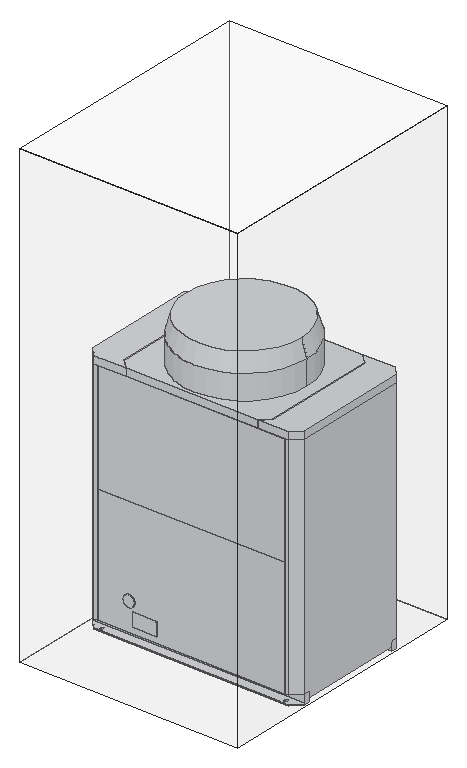
Revit family "pury-rp224_850(s)cmg4_60Hz", category 機械設備, Revit 2019
Family settings
  丸型コネクタ寸法 = 直径を使用
  パーツ タイプ = 標準
  OmniClass 番号 = 23.75.10.24.21.27.27
  OmniClass タイトル = Split System Air Conditioning Units
  作業面ベース = いいえ
  常に垂直 = はい
  ロード時にボイドで切り取り = いいえ
  共有 = いいえ
  部屋計算ポイント = いいえ
Parameters (values of type "PURY-RP224CMG4")
  音響パワーレベル(dB) = 79.5
  電源種別 = ""
  電源径 = 65 mm  # constant formula
  電圧 = 200 V
  電動機出力_送風機 = 0.92 kW
  電動機出力_圧縮機 = 5.4 kW
  集中コントローラ [instance] = ""
  運転質量 = 0.00 kg
  運転方法 = "冷暖切替"
  質量 = 0.00 kg
  負荷分類 = 1_熱源類
  説明 = "ビル用マルチエアコン 室外ユニット リプレースマルチR2 Eeco"
  設計暖房能力 [instance] = 0 kW
  設計冷房能力_顕熱 [instance] = 0 kW
  設計冷房能力 [instance] = 0 kW
  設置方法 = "床置形"
  記号 [instance] = ""
  製造元 = "三菱電機株式会社"
  製品質量 = 270.00 kg
  製品出荷対象 = "国内"
  製品リリース年月 = "2016年6月1日"
  製品グループ = ""
  系統 [instance] = ""
  符号 = "EHP"
  積算_科目 = "1 空気調和設備"
  積算_拾い区分 [instance] = ""
  相 = 3
  盤記号 [instance] = ""
  発停方法 = "付属スイッチ"
  特殊仕様 [instance] = ""
  消費電力_暖房 = 6.44 kW
  消費電力_冷房 = 5.74 kW
  消費電力 = if(消費電力_冷房 > 消費電力_暖房, 消費電力_冷房, 消費電力_暖房)  # 6.44 kW
  法定耐用年数 = "15"
  機械基礎質量 [instance] = 0.00 kg
  機械基礎_W = 0 mm
  機械基礎_H = 0 mm
  機械基礎_D = 0 mm
  機械基礎 [instance] = no
  極数 = 3
  材質 [instance] = ""
  本体マテリアル = none
  最小電線太さ_mm2 = 8
  最大電流値 = 0 A
  暖房能力 = 25 kW
  推奨ブレーカー容量 = 40 A
  形式 = "マルチパッケージ形 室外機"
  幹線記号 [instance] = ""
  始動方式 = "直入"
  呼称 = "マルチパッケージ形空気調和機"
  周波数 = 60 Hz
  参照している仕様書等のバージョン = "公共建築工事標準仕様書（機械設備工事編）平成31年度版"
  分類コード = "50053003300020"
  分類グループ = ""
  冷房能力 = 22.4 kW
  冷媒管長 [instance] = 0 mm
  冷媒管径符号 = "Eg"
  冷媒管径 = 100 mm  # constant formula
  冷媒液管径 = 19.05 mm
  冷媒ガス管径 = 25.4 mm
  価格 = 0
  企業コード = "108420"
  付属品 [instance] = ""
  仕様書バージョン = "Version1.0"
  ユニット数 = 1
  ユニット2電源高さ = ユニット1電源高さ  # 217 mm
  ユニット2電源幅 = ユニット1電源幅  # 251 mm
  ユニット2ダクト左位置 = ユニット1ダクト左位置  # 271 mm
  ユニット2ダクト下位置 = ユニット1ダクト下位置  # 90 mm
  ユニット2冷媒高圧径 = 19.05 mm
  ユニット2冷媒管高さ = ユニット1冷媒管高さ  # 261 mm
  ユニット2冷媒管幅 = ユニット1冷媒管幅  # 342.5 mm
  ユニット2冷媒管奥行き = ユニット1冷媒管奥行き  # 145 mm
  ユニット2冷媒低圧径 = 25.4 mm
  ユニット2表示 = no
  ユニット1電源高さ = 217 mm  # constant formula
  ユニット1電源幅 = 251 mm  # constant formula
  ユニット1ダクト左位置 = 271 mm  # constant formula
  ユニット1ダクト下位置 = 90 mm  # constant formula
  ユニット1冷媒高圧径 = 19.05 mm
  ユニット1冷媒管高さ = 261 mm  # constant formula
  ユニット1冷媒管幅 = 342.5 mm  # constant formula
  ユニット1冷媒管奥行き = 145 mm  # constant formula
  ユニット1冷媒低圧径 = 25.4 mm
  モデル = "PURY-RP224CMG4"
  ダクト高 = 77 mm  # constant formula
  ダクト幅 = 140 mm  # constant formula
  サービススペース_タイプA = yes
  サービススペース = yes
  ユニット間隔 = if(サービススペース_タイプA, 30 mm, 100 mm)  # 30 mm
  コメント [instance] = ""
  Keynote = ""
  Width = 1220 mm
  Version = ""
  Uniclass2015Version = "Systems v1.9"
  Uniclass2015Title = "Split coil remote air cooled condensing units"
  Uniclass2015Code = "Pr_70_65_03_84"
  URL = "https://www.mitsubishielectric.co.jp/ldg/wink/ssl/displayProduct.do?pid=266864"
  SpecificationReference = ""
  SpecificationDescription = ""
  S_W = if(ユニット2表示, Width * 2 + Clearance Left + Clearance Right + ユニット間隔, Width + Clearance Left + Clearance Right)  # 1250 mm
  Revision = ""
  ProductInformation = ""
  OmniClassCode = "23-33 17 13 11"
  IfcTypeProduct = ""
  IfcProduct = ""
  IfcExportType = "AIRCONDITIONINGUNIT"
  IfcExportAs = "IfcUnitaryEquipmentType"
  Height = 1650 mm
  Depth = 760 mm
  Clearance Top = if(サービススペース_タイプA, 1000 mm, 1000 mm)  # 1000 mm
  Clearance Right = if(サービススペース_タイプA, 15 mm, 50 mm)  # 15 mm
  Clearance Left = if(サービススペース_タイプA, 15 mm, 50 mm)  # 15 mm
  Clearance Front = if(サービススペース_タイプA, 450 mm, 450 mm)  # 450 mm
  Clearance Back = if(サービススペース_タイプA, 300 mm, 100 mm)  # 300 mm
  COP = 0
  Author = "三菱電機株式会社"
  APF = 0
Types (17, lengths in mm): name | 音響パワーレベル(dB) | 電動機出力_送風機 | 電動機出力_圧縮機 | 製品質量 | 消費電力_暖房 | 消費電力_冷房 | 消費電力 | 最小電線太さ_mm2 | 暖房能力 | 推奨ブレーカー容量 | 呼称 | 冷房能力 | 冷媒管径符号 | 冷媒液管径 | 冷媒ガス管径 | ユニット数 | ユニット2冷媒低圧径 | ユニット2表示 | ユニット1冷媒高圧径 | ユニット1冷媒低圧径 | モデル | URL | S_W
  PURY-RP224CMG4 | 79.5 | 0.92 kW | 5.4 kW | 270.00 kg | 6.44 kW | 5.74 kW | 6.44 kW | 8 | 25 kW | 40 A | "マルチパッケージ形空気調和機" | 22.4 kW | "Eg" | 19.05 | 25.4 | 1 | 25.4 | no | 19.05 | 25.4 | "PURY-RP224CMG4" | "https://www.mitsubishielectric.co.jp/ldg/wink/ssl/displayProduct.do?pid=266864" | 1250
  PURY-RP280CMG4 | 80.5 | 0.92 kW | 6.8 kW | 285.00 kg | 8.04 kW | 7.85 kW | 8.04 kW | 14 | 31.5 kW | 50 A | "マルチパッケージ形空気調和機_室外機" | 28 kW | "Eh" | 19.05 | 28.58 | 1 | 28.58 | no | 19.05 | 28.58 | "PURY-RP280CMG4" | "https://www.mitsubishielectric.co.jp/ldg/wink/ssl/displayProduct.do?pid=266644" | 1250
  PURY-RP335CMG4 | 82.5 | 0.92 kW | 7.8 kW | 285.00 kg | 9.68 kW | 8.88 kW | 9.68 kW | 22 | 37.5 kW | 60 A | "マルチパッケージ形空気調和機_室外機" | 33.5 kW | "Eh" | 19.05 | 28.58 | 1 | 28.58 | no | 19.05 | 28.58 | "PURY-RP335CMG4" | "https://www.mitsubishielectric.co.jp/ldg/wink/ssl/displayProduct.do?pid=266647" | 1250
  PURY-RP400CMG4 | 83.5 | 0.92 kW | 9.9 kW | 290.00 kg | 12.74 kW | 13.2 kW | 13.2 kW | 22 | 45 kW | 60 A | "マルチパッケージ形空気調和機_室外機" | 40 kW | "Eh" | 19.05 | 28.58 | 1 | 28.58 | no | 19.05 | 28.58 | "PURY-RP400CMG4" | "https://www.mitsubishielectric.co.jp/ldg/wink/ssl/displayProduct.do?pid=266689" | 1250
  PURY-RP450SCMG4 | 82.5 | 1.84 kW | 10.8 kW | 550.00 kg | 12.88 kW | 11.87 kW | 12.88 kW | 22 | 50 kW | 0 A | "マルチパッケージ形空気調和機_室外機" | 45 kW | "Gi" | 25.4 | 31.75 | 2 | 25.4 | yes | 19.05 | 25.4 | "PURY-RP450SCMG4" | "https://www.mitsubishielectric.co.jp/ldg/wink/ssl/displayProduct.do?pid=266648" | 2500
  PURY-RP500SCMG4 | 83 | 1.84 kW | 12.2 kW | 565.00 kg | 14.35 kW | 13.66 kW | 14.35 kW | 38 | 56 kW | 0 A | "マルチパッケージ形空気調和機_室外機" | 50 kW | "Gk" | 25.4 | 38.1 | 2 | 25.4 | yes | 19.05 | 25.4 | "PURY-RP500SCMG4" | "https://www.mitsubishielectric.co.jp/ldg/wink/ssl/displayProduct.do?pid=266695" | 2500
  PURY-RP560SCMG4 | 83.5 | 1.84 kW | 13.6 kW | 580.00 kg | 16.11 kW | 16.09 kW | 16.11 kW | 38 | 63 kW | 0 A | "マルチパッケージ形空気調和機_室外機" | 56 kW | "Gk" | 25.4 | 38.1 | 2 | 28.58 | yes | 19.05 | 28.58 | "PURY-RP560SCMG4" | "https://www.mitsubishielectric.co.jp/ldg/wink/ssl/displayProduct.do?pid=266698" | 2500
  PURY-RP630SCMG4 | 84.5 | 1.84 kW | 14.6 kW | 580.00 kg | 17.73 kW | 17.5 kW | 17.73 kW | 38 | 69 kW | 0 A | "マルチパッケージ形空気調和機_室外機" | 63 kW | "Gk" | 25.4 | 38.1 | 2 | 28.58 | yes | 19.05 | 28.58 | "PURY-RP630SCMG4" | "https://www.mitsubishielectric.co.jp/ldg/wink/ssl/displayProduct.do?pid=266701" | 2500
  PURY-RP690SCMG4 | 85.5 | 1.84 kW | 15.6 kW | 580.00 kg | 19.76 kW | 18.69 kW | 19.76 kW | 60 | 76.5 kW | 0 A | "マルチパッケージ形空気調和機_室外機" | 69 kW | "Gk" | 25.4 | 38.1 | 2 | 28.58 | yes | 19.05 | 28.58 | "PURY-RP690SCMG4" | "https://www.mitsubishielectric.co.jp/ldg/wink/ssl/displayProduct.do?pid=266704" | 2500
  PURY-RP730SCMG4 | 86 | 1.84 kW | 17.7 kW | 580.00 kg | 22.39 kW | 22.32 kW | 22.39 kW | 60 | 81.5 kW | 0 A | "マルチパッケージ形空気調和機_室外機" | 73 kW | "Gm" | 25.4 | 44.45 | 2 | 28.58 | yes | 19.05 | 28.58 | "PURY-RP730SCMG4" | "https://www.mitsubishielectric.co.jp/ldg/wink/ssl/displayProduct.do?pid=266707" | 2500
  PURY-RP800SCMG4 | 86.5 | 1.84 kW | 19.8 kW | 580.00 kg | 24.92 kW | 26.75 kW | 26.75 kW | 60 | 88 kW | 0 A | "マルチパッケージ形空気調和機_室外機" | 80 kW | "Hm" | 28.58 | 44.45 | 2 | 28.58 | yes | 19.05 | 28.58 | "PURY-RP800SCMG4" | "https://www.mitsubishielectric.co.jp/ldg/wink/ssl/displayProduct.do?pid=266710" | 2500
  PURY-RP850SCMG4 | 87 | 1.84 kW | 20.1 kW | 580.00 kg | 26.98 kW | 28.91 kW | 28.91 kW | 100 | 95 kW | 0 A | "マルチパッケージ形空気調和機_室外機" | 85 kW | "Hm" | 28.58 | 44.45 | 2 | 28.58 | yes | 22.2 | 28.58 | "PURY-RP850SCMG4" | "https://www.mitsubishielectric.co.jp/ldg/wink/ssl/displayProduct.do?pid=266713" | 2500
  PURY-RP224SCMG4 | 79.5 | 0.92 kW | 5.4 kW | 270.00 kg | 6.44 kW | 5.74 kW | 6.44 kW | 8 | 25 kW | 40 A | "マルチパッケージ形空気調和機_室外機" | 22.4 kW | "Eg" | 19.05 | 25.4 | 1 | 25.4 | no | 19.05 | 28.58 | "PURY-RP224SCMG4" | "https://www.mitsubishielectric.co.jp/ldg/wink/ssl/displayProduct.do?pid=266716" | 1250
  PURY-RP280SCMG4 | 80.5 | 0.92 kW | 6.8 kW | 285.00 kg | 8.04 kW | 7.85 kW | 8.04 kW | 14 | 31.5 kW | 50 A | "マルチパッケージ形空気調和機_室外機" | 28 kW | "Eh" | 19.05 | 28.58 | 1 | 28.58 | no | 19.05 | 28.58 | "PURY-RP280SCMG4" | "https://www.mitsubishielectric.co.jp/ldg/wink/ssl/displayProduct.do?pid=266719" | 1250
  PURY-RP335SCMG4 | 82.5 | 0.92 kW | 7.8 kW | 285.00 kg | 9.68 kW | 8.88 kW | 9.68 kW | 22 | 37.5 kW | 60 A | "マルチパッケージ形空気調和機_室外機" | 33.5 kW | "Eh" | 19.05 | 28.58 | 1 | 28.58 | no | 19.05 | 28.58 | "PURY-RP335SCMG4" | "https://www.mitsubishielectric.co.jp/ldg/wink/ssl/displayProduct.do?pid=266638" | 1250
  PURY-RP400SCMG4 | 83.5 | 0.92 kW | 9.9 kW | 290.00 kg | 12.74 kW | 13.2 kW | 13.2 kW | 22 | 45 kW | 60 A | "マルチパッケージ形空気調和機_室外機" | 40 kW | "Eh" | 19.05 | 28.58 | 1 | 28.58 | no | 19.05 | 28.58 | "PURY-RP400SCMG4" | "https://www.mitsubishielectric.co.jp/ldg/wink/ssl/displayProduct.do?pid=266641" | 1250
  PURY-RP450KCMG4 | 82.5 | 0.92 kW | 5.4 kW | 550.00 kg | 12.88 kW | 11.87 kW | 12.88 kW | 22 | 50 kW | 0 A | "マルチパッケージ形空気調和機_室外機" | 45 kW | "Gi" | 25.4 | 31.75 | 2 | 28.58 | no | 22.2 | 28.58 | "PURY-RP450KCMG4" | "https://www.mitsubishielectric.co.jp/ldg/wink/ssl/displayProduct.do?pid=266648" | 1250
Reference planes
  plane 1: z = 0
  plane 2: z = 1650
  plane 3: z = 2650
  plane 4 "中心(正面/背面)": y = 380
  plane 5 "中心(左/右)": x = 1860
  plane 6 "左": x = 0
  plane 7 "正面": y = 0
  plane 8 "背面": y = 760
  plane 9: x = 1220
  plane 10: x = 1250
  plane 11: x = 2470
  plane 12: y = 1060
  plane 13: y = -450
  plane 14: x = -15
  plane 15: x = 1235
  plane 16: x = 610
  plane 17: x = 1220
Dimensions and locks
  "Clearance Top": plane 3 to plane 2
  equal spacing: plane 7 "正面", plane 4 "中心(正面/背面)", plane 8 "背面"
  "Width": plane 6 "左" to plane 9
  "Width": plane 10 to plane 11
  "ユニット間隔": plane 9 to plane 10
  "Clearance Back": plane 12 to plane 8 "背面"
  "Clearance Front": plane 13 to plane 7 "正面"
  "Clearance Left": plane 14 to plane 6 "左"
  "Depth": plane 7 "正面" to plane 8 "背面"
  equal spacing: plane 6 "左", plane 16, plane 9
  equal spacing: plane 10, plane 5 "中心(左/右)", plane 11
  "Height": plane 2 to level
  "Clearance Right": plane 17 to plane 15
  "S_W": plane 14 to plane 15
  aligned and locked: level to plane 1
  aligned and locked: plane 16 to nested 1
  aligned and locked: plane 4 "中心(正面/背面)" to nested 1
  aligned and locked: plane 5 "中心(左/右)" to nested 2
  aligned and locked: plane 4 "中心(正面/背面)" to nested 2
  aligned and locked: plane 15 to nested 3
  aligned and locked: nested 3 to plane 13
  aligned and locked: plane 14 to nested 3
  aligned and locked: nested 3 to plane 12
  aligned and locked: plane 3 to nested 3
Nested families
  nested 1: "PURY-RP-CMG" at (610, 380, 0), マテリアル1 <- "本体マテリアル", ①-H <- "ユニット1ダクト下位置", ①-W <- "ユニット1ダクト左位置", ①配管用-H <- "ダクト高", ①配管用-W <- "ダクト幅", 冷媒径 <- "冷媒管径", 高圧径 <- "ユニット1冷媒高圧径", 低圧径 <- "ユニット1冷媒低圧径", 電源径 <- "電源径", 電源-W <- "ユニット1電源幅", 電源-H <- "ユニット1電源高さ", type "PURY-RP-CMG"
    with 高圧径 19.05 mm, 高圧-W 301 mm, 高圧-H 261 mm, 高圧-D 145 mm, 高 1650 mm, 電源径 65 mm, 電源-W 251 mm, 電源-H 217 mm, 表示 yes, 幅 1220 mm, 奥行 760 mm, 吊りボルト径 14 mm, 吊りボルト-W 1060 mm, 吊りボルト-D 724 mm, 冷媒径 100 mm, 低圧径 25.4 mm, 低圧-W 83 mm, 低圧-H 263 mm, 低圧-D 145 mm, マテリアル2 none, マテリアル1 none, ドレン径 200 mm, ドレン-W 200 mm, ドレン-H 200 mm, ドレン-D 200 mm, ①配管用-W 140 mm, ①配管用-H 77 mm, ①-W 271 mm, ①-H 90 mm
  nested 2: "PURY-RP-CMG" at (1860, 380, 0), 表示 <- "ユニット2表示", マテリアル1 <- "本体マテリアル", ①-H <- "ユニット2ダクト下位置", ①-W <- "ユニット2ダクト左位置", ①配管用-H <- "ダクト高", ①配管用-W <- "ダクト幅", 冷媒径 <- "冷媒管径", 高圧径 <- "ユニット2冷媒高圧径", 低圧径 <- "ユニット1冷媒低圧径", 電源径 <- "電源径", 電源-W <- "ユニット2電源幅", 電源-H <- "ユニット2電源高さ", type "PURY-RP-CMG"
    with 高圧径 19.05 mm, 高圧-W 301 mm, 高圧-H 261 mm, 高圧-D 145 mm, 高 1650 mm, 電源径 65 mm, 電源-W 251 mm, 電源-H 217 mm, 表示 no, 幅 1220 mm, 奥行 760 mm, 吊りボルト径 14 mm, 吊りボルト-W 1060 mm, 吊りボルト-D 724 mm, 冷媒径 100 mm, 低圧径 25.4 mm, 低圧-W 83 mm, 低圧-H 263 mm, 低圧-D 145 mm, マテリアル2 none, マテリアル1 none, ドレン径 200 mm, ドレン-W 200 mm, ドレン-H 200 mm, ドレン-D 200 mm, ①配管用-W 140 mm, ①配管用-H 77 mm, ①-W 271 mm, ①-H 90 mm
  nested 3: "サービススペース" at (610, 305, 1325), visible <- "サービススペース", type "サービススペース"
    with Width 1250 mm, Height 2650 mm, Depth 1510 mm
Connectors
  hvac at (1591, -1, 128.5), driven by "ダクト高", driven by "ダクト幅"
    settings: on nested 2, index 1, duct flow 0.0 L/s, flow factor 0, pres drop 0.0 Pa, loss coef 0, conn angle 0.00°, conn width 140 mm, conn height 77 mm, conn diameter 609.6 mm, duct sys type 3, conn prof type 1, flow config 1, flow direction 2, loss method 4, conn ref index -1, conn util no, is conn primary yes, conn desc ""
  hvac at (341, -1, 128.5), driven by "ダクト高", driven by "ダクト幅"
    settings: on nested 1, index 2, duct flow 0.0 L/s, flow factor 0, pres drop 0.0 Pa, loss coef 0, conn angle 0.00°, conn width 140 mm, conn height 77 mm, conn diameter 609.6 mm, duct sys type 3, conn prof type 1, flow config 1, flow direction 2, loss method 4, conn ref index -1, conn util no, is conn primary no, conn desc ""
  electrical at (251, -1, 217), driven by "極数", driven by "負荷分類", driven by "電圧", driven by "消費電力"
    settings: on nested 1, index 3, voltage 200 V, apparent load 6440 VA, apparent load phase1 0 VA, apparent load phase2 0 VA, apparent load phase3 0 VA, power factor 1, load classification "1_熱源類", number of poles 3, system type 30, power factor state 1, is connector primary yes, connector utility no, sub classification motor no, connector description ""
  electrical at (1501, -1, 217), driven by "極数", driven by "負荷分類", driven by "電圧", driven by "消費電力"
    settings: on nested 2, index 4, voltage 200 V, apparent load 6440 VA, apparent load phase1 0 VA, apparent load phase2 0 VA, apparent load phase3 0 VA, power factor 1, load classification "1_熱源類", number of poles 3, system type 30, power factor state 1, is connector primary no, connector utility no, sub classification motor no, connector description ""
  piping at (1592.5, 145, 261), diameter 100, driven by "冷媒管径", driven by "冷媒管径符号"
    settings: on nested 2, index 5, connector inside diameter 609.6 mm, connector length 0 mm, flow factor 0, pipe flow 0.0 L/s, pressure drop 0.0 Pa, fitting loss kfactor 0, connector angle 0.00°, fixture units 0, engagement length 0 mm, angle of deflection 0.00°, flow configuration 1, flow direction 2, fitting loss method 4, system type 7, joint type 0, gender type 0, connector reference index -1, connector utility 0, adjustable connector no, is connector primary yes, connector description "Eg"
  piping at (342.5, 145, 261), diameter 100, driven by "冷媒管径", driven by "冷媒管径符号"
    settings: on nested 1, index 6, connector inside diameter 609.6 mm, connector length 0 mm, flow factor 0, pipe flow 0.0 L/s, pressure drop 0.0 Pa, fitting loss kfactor 0, connector angle 0.00°, fixture units 0, engagement length 0 mm, angle of deflection 0.00°, flow configuration 1, flow direction 2, fitting loss method 4, system type 7, joint type 0, gender type 0, connector reference index -1, connector utility 0, adjustable connector no, is connector primary no, connector description "Eg"
Definition of nested family "PURY-RP-CMG"
  Parameters (values of type "PURY-RP-CMG")
    高圧径 [instance] = 19.05 mm
    高圧-W [instance] = 301 mm
    高圧-H [instance] = 261 mm
    高圧-D [instance] = 145 mm
    高 [instance] = 1650 mm
    電源径 [instance] = 65 mm
    電源-W [instance] = 251 mm
    電源-H [instance] = 217 mm
    表示 [instance] = yes
    幅 [instance] = 1220 mm
    奥行 [instance] = 760 mm
    吊りボルト径 [instance] = 14 mm
    吊りボルト-W [instance] = 1060 mm
    吊りボルト-D [instance] = 724 mm
    冷媒径 [instance] = 100 mm
    低圧径 [instance] = 25.4 mm
    低圧-W [instance] = 83 mm
    低圧-H [instance] = 263 mm
    低圧-D [instance] = 145 mm
    マテリアル2 [instance] = none
    マテリアル1 [instance] = none
    ドレン径 [instance] = 200 mm
    ドレン-W [instance] = 200 mm
    ドレン-H [instance] = 200 mm
    ドレン-D [instance] = 200 mm
    ①配管用-W [instance] = 140 mm
    ①配管用-H [instance] = 77 mm
    ①-W [instance] = 271 mm
    ①-H [instance] = 90 mm
  Reference planes
    plane 1 "中心(正面/背面)": y = 0
    plane 2: z = 0
    plane 3 "中心(左/右)": x = 0
    plane 4: x = 610
    plane 5: x = -610
    plane 6: y = 380
    plane 7: y = -380
    plane 8: z = 1650
    plane 9: z = 732
    plane 10: z = 1410
    plane 11: z = 54
    plane 12: y = 362
    plane 13: y = -362
    plane 14: x = 530
    plane 15: x = -530
    plane 16: y = 300
    plane 17: y = -300
    plane 18: z = 90
    plane 19: x = -339
    plane 20: x = -359
    plane 21: z = 217
    plane 22: y = -235
    plane 23: x = -226
    plane 24: x = -309
    plane 25: z = 261
    plane 26: z = 361
    plane 27: z = 1370
    plane 28: z = 1550
    plane 29: z = 363
    plane 30: z = 263
    plane 31: x = -267.5
    plane 32: z = 20
    plane 33: y = -381
    plane 34: x = -199
    plane 35: z = 167
  Forms (mm)
    Extrusion 1, solid, material <- "マテリアル1", visible <- "表示", detail levels fine
      sketch origin (0, 0, 0) x (1, 0, 0) y (0, 1, 0)
        loop
          circle (-309, -235) r 9.525
      from 261 to 361
    Extrusion 2, solid, material <- "マテリアル1", visible <- "表示", detail levels fine
      sketch origin (0, 0, 0) x (1, 0, 0) y (0, 1, 0)
        loop
          line (-560, 380) -> (-610, 330) -> (-610, -330) -> (-560, -380) -> (-540, -380) -> (-540, 380) -> (-560, 380)
        loop
          line (560, -380) -> (610, -330) -> (610, 330) -> (560, 380) -> (540, 380) -> (540, -380) -> (560, -380)
      from 54 to 1370
    Extrusion 3, solid, material <- "マテリアル1", visible <- "表示", detail levels fine
      sketch origin (0, 0, 0) x (1, 0, 0) y (0, 1, 0)
        loop
          line (-610, 330) -> (-610, -330) -> (-560, -380) -> (-380, -380) -> (-430, -330) -> (-430, 330) -> (-380, 380) -> (-560, 380) -> (-610, 330)
        loop
          line (560, -380) -> (610, -330) -> (610, 330) -> (560, 380) -> (380, 380) -> (430, 330) -> (430, -330) -> (380, -380) -> (560, -380)
      from 1370 to 1410
    Extrusion 4, solid, material <- "マテリアル1", visible <- "表示", detail levels fine
      sketch origin (0, 0, 0) x (1, 0, 0) y (0, 1, 0)
        loop
          line (-430, -330) -> (-380, -380) -> (380, -380) -> (430, -330) -> (430, 330) -> (380, 380) -> (-380, 380) -> (-430, 330) -> (-430, -330)
      from 1370 to 1410
    Extrusion 5, solid, material <- "マテリアル1", visible <- "表示", detail levels fine
      sketch origin (-1437.329, -1524, 1410) x (-1, 0, 0) y (0, -1, 0)
        loop
          circle (-1437.329, -1524) r 360
      from 0 to 140
    Blend 6, solid, material <- "マテリアル1", visible <- "表示", detail levels fine
      base sketch origin (-1437.329, -1524, 1550) x (-1, 0, 0) y (0, -1, 0)
        loop
          circle (-1437.329, -1524) r 360
      top sketch origin (-1437.329, -1524, 1550) x (-1, 0, 0) y (0, -1, 0)
        loop
          circle (-1437.329, -1524) r 330
      from 0 to 100
    Extrusion 7, solid, material <- "マテリアル1", visible <- "表示", detail levels fine
      sketch origin (0, 0, -400) x (1, 0, 0) y (0, 1, 0)
        loop
          line (-540, -380) -> (540, -380) -> (540, 380) -> (-540, 380) -> (-540, -380)
      from 1132 to 1770
    Extrusion 8, solid, material <- "マテリアル1", visible <- "表示", detail levels fine
      sketch origin (0, 0, -800) x (1, 0, 0) y (0, 1, 0)
        loop
          line (-540, -380) -> (540, -380) -> (540, 380) -> (-540, 380) -> (-540, -380)
      from 854 to 1532
    Extrusion 9, solid, material <- "マテリアル1", visible <- "表示", detail levels fine
      sketch origin (0, 0, 0) x (1, 0, 0) y (0, 1, 0)
        loop
          line (-560, 380) -> (-610, 330) -> (-610, 300) -> (610, 300) -> (610, 330) -> (560, 380) -> (-560, 380)
        loop
          arc (537, 365) -> (530, 372) -> (523, 365) r 7
          line (523, 365) -> (523, 359)
          arc (523, 359) -> (530, 352) -> (537, 359) r 7
          line (537, 359) -> (537, 365)
        loop
          line (-560, -380) -> (560, -380) -> (610, -330) -> (610, -300) -> (-610, -300) -> (-610, -330) -> (-560, -380)
        loop
          line (537, -365) -> (537, -359)
          arc (537, -359) -> (530, -352) -> (523, -359) r 7
          line (523, -359) -> (523, -365)
          arc (523, -365) -> (530, -372) -> (537, -365) r 7
        loop
          line (-537, 365) -> (-537, 359)
          arc (-537, 359) -> (-530, 352) -> (-523, 359) r 7
          line (-523, 359) -> (-523, 365)
          arc (-523, 365) -> (-530, 372) -> (-537, 365) r 7
        loop
          arc (-537, -365) -> (-530, -372) -> (-523, -365) r 7
          line (-523, -365) -> (-523, -359)
          arc (-523, -359) -> (-530, -352) -> (-537, -359) r 7
          line (-537, -359) -> (-537, -365)
      from 0 to 5
    Extrusion 10, solid, material <- "マテリアル1", visible <- "表示", detail levels fine
      sketch origin (0, 0, 0) x (1, 0, 0) y (0, 1, 0)
        loop
          line (610, 300) -> (610, 325) -> (-610, 325) -> (-610, 300) -> (610, 300)
        loop
          line (610, -300) -> (-610, -300) -> (-610, -325) -> (610, -325) -> (610, -300)
      from 5 to 54
    Extrusion 11, solid, material <- "マテリアル1", visible <- "表示", detail levels fine
      sketch origin (0, 0, 0) x (0, 1, 0) y (0, 0, 1)
        loop
          line (-300, 54) -> (-300, 20) -> (300, 20) -> (300, 54) -> (-300, 54)
      from -610 to 610
    Extrusion 12, solid, material <- "マテリアル1", visible <- "表示", detail levels fine
      sketch origin (0, 0, 0) x (1, 0, 0) y (0, 1, 0)
        loop
          circle (-226, -235) r 12.7
      from 263 to 363
    Extrusion 13, solid, material <- "マテリアル1", visible <- "表示", detail levels fine
      sketch origin (-1437.329, -1524, 1650) x (-1, 0, 0) y (0, -1, 0)
        loop
          circle (-1169.829, -1289) r 50
      from -1389 to -1289
    Extrusion 14, solid, material <- "マテリアル1", visible <- "表示", detail levels fine
      sketch origin (0, 0, 0) x (1, 0, 0) y (0, 0, 1)
        loop
          circle (-359, 217) r 32.5
      from 380 to 381
    Extrusion 15, solid, material <- "マテリアル1", visible <- "表示", detail levels fine
      sketch origin (0, 0, 0) x (1, 0, 0) y (0, 0, 1)
        loop
          line (-199, 167) -> (-339, 167) -> (-339, 90) -> (-199, 90) -> (-199, 167)
      from 380 to 381
  Cuts and joins
    joined: Extrusion 2, Extrusion 11
    joined: Extrusion 9, Extrusion 10
  Lines and regions (mm)
    Masking region 1, visible <- "表示", detail levels coarse+medium
      outline origin (0, 0, 0) x (1, 0, 0) y (0, 1, 0)
        loop
          line (-560, 380) -> (-610, 330) -> (-610, -330) -> (-560, -380) -> (560, -380) -> (610, -330) -> (610, 330) -> (560, 380) -> (-560, 380)
    symbolic lines, visible <- "表示"
      curve 1: line (-560, 380, 0) -> (560, 380, 0)
      curve 2: line (-610, -330, 0) -> (-610, 330, 0)
      curve 3: line (560, -380, 0) -> (-560, -380, 0)
      curve 4: line (610, 330, 0) -> (610, -330, 0)
      curve 5: line (-560, 380, 0) -> (-610, 330, 0)
      curve 6: line (610, 330, 0) -> (560, 380, 0)
      curve 7: line (560, -380, 0) -> (610, -330, 0)
      curve 8: line (-610, -330, 0) -> (-560, -380, 0)
      curve 154: arc (-360, 0, 1650) -> (0, -360, 1650) -> (360, 0, 1650) r 360
      curve 155: arc (360, 0, 1650) -> (0, 360, 1650) -> (-360, 0, 1650) r 360
      curve 156: line (-430, 330, 1650) -> (-430, -330, 1650)
      curve 157: line (-430, -330, 1650) -> (-380, -380, 1650)
      curve 158: line (380, -380, 1650) -> (430, -330, 1650)
      curve 159: line (430, -330, 1650) -> (430, 330, 1650)
      curve 160: line (430, 330, 1650) -> (380, 380, 1650)
      curve 161: line (-380, 380, 1650) -> (-430, 330, 1650)
    model lines, visible <- "表示", detail levels fine
      curve 9: circle (0, 0, 1650) r 66 normal (0, 0, 1)
      curve 10: circle (0, 0, 1650) r 132 normal (0, 0, 1)
      curve 11: circle (0, 0, 1650) r 198 normal (0, 0, 1)
      curve 12: circle (0, 0, 1650) r 264 normal (0, 0, 1)
      curve 13: line (66, 0, 1650) -> (330, 0, 1650)
      curve 14: line (-66, 0, 1650) -> (-330, 0, 1650)
      curve 15: line (0, 66, 1650) -> (0, 330, 1650)
      curve 16: line (0, -66, 1650) -> (0, -330, 1650)
      curve 17: line (46.669, -46.669, 1650) -> (233.345, -233.345, 1650)
      curve 18: line (63.751, -17.082, 1650) -> (318.756, -85.41, 1650)
      curve 19: line (57.158, -33, 1650) -> (285.788, -165, 1650)
      curve 20: line (17.082, -63.751, 1650) -> (85.41, -318.756, 1650)
      curve 21: line (33, -57.158, 1650) -> (165, -285.788, 1650)
      curve 22: line (46.669, 46.669, 1650) -> (233.345, 233.345, 1650)
      curve 23: line (63.751, 17.082, 1650) -> (318.756, 85.41, 1650)
      curve 24: line (57.158, 33, 1650) -> (285.788, 165, 1650)
      curve 25: line (17.082, 63.751, 1650) -> (85.41, 318.756, 1650)
      curve 26: line (33, 57.158, 1650) -> (165, 285.788, 1650)
      curve 27: line (-46.669, 46.669, 1650) -> (-233.345, 233.345, 1650)
      curve 28: line (-63.751, 17.082, 1650) -> (-318.756, 85.41, 1650)
      curve 29: line (-57.158, 33, 1650) -> (-285.788, 165, 1650)
      curve 30: line (-17.082, 63.751, 1650) -> (-85.41, 318.756, 1650)
      curve 31: line (-33, 57.158, 1650) -> (-165, 285.788, 1650)
      curve 32: line (-46.669, -46.669, 1650) -> (-233.345, -233.345, 1650)
      curve 33: line (-63.751, -17.082, 1650) -> (-318.756, -85.41, 1650)
      curve 34: line (-57.158, -33, 1650) -> (-285.788, -165, 1650)
      curve 35: line (-17.082, -63.751, 1650) -> (-85.41, -318.756, 1650)
      curve 36: line (-33, -57.158, 1650) -> (-165, -285.788, 1650)
      curve 37: line (330, 0, 1650) -> (360, 0, 1550)
      curve 38: line (-330, 0, 1650) -> (-360, 0, 1550)
      curve 39: line (318.756, 85.41, 1650) -> (347.733, 93.175, 1550)
      curve 40: line (285.788, 165, 1650) -> (311.769, 180, 1550)
      curve 41: line (233.345, 233.345, 1650) -> (254.558, 254.558, 1550)
      curve 42: line (165, 285.788, 1650) -> (180, 311.769, 1550)
      curve 43: line (85.41, 318.756, 1650) -> (93.175, 347.733, 1550)
      curve 44: line (0, 330, 1650) -> (0, 360, 1550)
      curve 45: line (-85.41, 318.756, 1650) -> (-93.175, 347.733, 1550)
      curve 46: line (-165, 285.788, 1650) -> (-180, 311.769, 1550)
      curve 47: line (-233.345, 233.345, 1650) -> (-254.558, 254.558, 1550)
      curve 48: line (-285.788, 165, 1650) -> (-311.769, 180, 1550)
      curve 49: line (-318.756, 85.41, 1650) -> (-347.733, 93.175, 1550)
      curve 50: line (-330, 0, 1650) -> (-360, 0, 1550)
      curve 51: line (-318.756, -85.41, 1650) -> (-347.733, -93.175, 1550)
      curve 52: line (-285.788, -165, 1650) -> (-311.769, -180, 1550)
      curve 53: line (-233.345, -233.345, 1650) -> (-254.558, -254.558, 1550)
      curve 54: line (-165, -285.788, 1650) -> (-180, -311.769, 1550)
      curve 55: line (-85.41, -318.756, 1650) -> (-93.175, -347.733, 1550)
      curve 56: line (0, -330, 1650) -> (0, -360, 1550)
      curve 57: line (85.41, -318.756, 1650) -> (93.175, -347.733, 1550)
      curve 58: line (165, -285.788, 1650) -> (180, -311.769, 1550)
      curve 59: line (233.345, -233.345, 1650) -> (254.558, -254.558, 1550)
      curve 60: line (285.788, -165, 1650) -> (311.769, -180, 1550)
      curve 61: line (318.756, -85.41, 1650) -> (347.733, -93.175, 1550)
      curve 115: line (-610, 300, 1370) -> (-610, 300, 54)
      curve 116: line (-610, 150, 54) -> (-610, 150, 1254)
      curve 117: line (-610, 0, 54) -> (-610, 0, 1254)
      curve 118: line (-610, -150, 20) -> (-610, -150, 1370)
      curve 119: line (-610, -150, 204) -> (-610, 300, 204)
      curve 120: line (-610, -150, 354) -> (-610, 300, 354)
      curve 121: line (-610, -150, 504) -> (-610, 300, 504)
      curve 122: line (-610, -150, 654) -> (-610, 300, 654)
      curve 123: line (-610, -150, 804) -> (-610, 300, 804)
      curve 124: line (-610, -150, 954) -> (-610, 300, 954)
      curve 125: line (-610, -150, 1104) -> (-610, 300, 1104)
      curve 126: line (-610, -150, 1254) -> (-610, 300, 1254)
      curve 127: line (-610, 300, 54) -> (-610, -150, 54)
      curve 141: line (610, 300, 1370) -> (610, 300, 54)
      curve 142: line (610, 150, 54) -> (610, 150, 1254)
      curve 143: line (610, 0, 54) -> (610, 0, 1254)
      curve 144: line (610, -150, 20) -> (610, -150, 1370)
      curve 145: line (610, -150, 204) -> (610, 300, 204)
      curve 146: line (610, -150, 354) -> (610, 300, 354)
      curve 147: line (610, -150, 504) -> (610, 300, 504)
      curve 148: line (610, -150, 654) -> (610, 300, 654)
      curve 149: line (610, -150, 804) -> (610, 300, 804)
      curve 150: line (610, -150, 954) -> (610, 300, 954)
      curve 151: line (610, -150, 1104) -> (610, 300, 1104)
      curve 152: line (610, -150, 1254) -> (610, 300, 1254)
      curve 153: line (610, 300, 54) -> (610, -150, 54)
    model lines, visible <- "表示", not visible, detail levels fine
      curve 62: circle (0, 0, 1650) r 66 normal (0, 0, 1)
      curve 63: circle (0, 0, 1650) r 132 normal (0, 0, 1)
      curve 64: circle (0, 0, 1650) r 198 normal (0, 0, 1)
      curve 65: circle (0, 0, 1650) r 264 normal (0, 0, 1)
      curve 66: line (66, 0, 1650) -> (330, 0, 1650)
      curve 67: line (-66, 0, 1650) -> (-330, 0, 1650)
      curve 68: line (0, 66, 1650) -> (0, 330, 1650)
      curve 69: line (0, -66, 1650) -> (0, -330, 1650)
      curve 70: line (46.669, -46.669, 1650) -> (233.345, -233.345, 1650)
      curve 71: line (63.751, -17.082, 1650) -> (318.756, -85.41, 1650)
      curve 72: line (57.158, -33, 1650) -> (285.788, -165, 1650)
      curve 73: line (17.082, -63.751, 1650) -> (85.41, -318.756, 1650)
      curve 74: line (33, -57.158, 1650) -> (165, -285.788, 1650)
      curve 75: line (46.669, 46.669, 1650) -> (233.345, 233.345, 1650)
      curve 76: line (63.751, 17.082, 1650) -> (318.756, 85.41, 1650)
      curve 77: line (57.158, 33, 1650) -> (285.788, 165, 1650)
      curve 78: line (17.082, 63.751, 1650) -> (85.41, 318.756, 1650)
      curve 79: line (33, 57.158, 1650) -> (165, 285.788, 1650)
      curve 80: line (-46.669, 46.669, 1650) -> (-233.345, 233.345, 1650)
      curve 81: line (-63.751, 17.082, 1650) -> (-318.756, 85.41, 1650)
      curve 82: line (-57.158, 33, 1650) -> (-285.788, 165, 1650)
      curve 83: line (-17.082, 63.751, 1650) -> (-85.41, 318.756, 1650)
      curve 84: line (-33, 57.158, 1650) -> (-165, 285.788, 1650)
      curve 85: line (-46.669, -46.669, 1650) -> (-233.345, -233.345, 1650)
      curve 86: line (-63.751, -17.082, 1650) -> (-318.756, -85.41, 1650)
      curve 87: line (-57.158, -33, 1650) -> (-285.788, -165, 1650)
      curve 88: line (-17.082, -63.751, 1650) -> (-85.41, -318.756, 1650)
      curve 89: line (-33, -57.158, 1650) -> (-165, -285.788, 1650)
      curve 90: line (330, 0, 1650) -> (360, 0, 1550)
      curve 91: line (-330, 0, 1650) -> (-360, 0, 1550)
      curve 92: line (318.756, 85.41, 1650) -> (347.733, 93.175, 1550)
      curve 93: line (285.788, 165, 1650) -> (311.769, 180, 1550)
      curve 94: line (233.345, 233.345, 1650) -> (254.558, 254.558, 1550)
      curve 95: line (165, 285.788, 1650) -> (180, 311.769, 1550)
      curve 96: line (85.41, 318.756, 1650) -> (93.175, 347.733, 1550)
      curve 97: line (0, 330, 1650) -> (0, 360, 1550)
      curve 98: line (-85.41, 318.756, 1650) -> (-93.175, 347.733, 1550)
      curve 99: line (-165, 285.788, 1650) -> (-180, 311.769, 1550)
      curve 100: line (-233.345, 233.345, 1650) -> (-254.558, 254.558, 1550)
      curve 101: line (-285.788, 165, 1650) -> (-311.769, 180, 1550)
      curve 102: line (-318.756, 85.41, 1650) -> (-347.733, 93.175, 1550)
      curve 103: line (-330, 0, 1650) -> (-360, 0, 1550)
      curve 104: line (-318.756, -85.41, 1650) -> (-347.733, -93.175, 1550)
      curve 105: line (-285.788, -165, 1650) -> (-311.769, -180, 1550)
      curve 106: line (-233.345, -233.345, 1650) -> (-254.558, -254.558, 1550)
      curve 107: line (-165, -285.788, 1650) -> (-180, -311.769, 1550)
      curve 108: line (-85.41, -318.756, 1650) -> (-93.175, -347.733, 1550)
      curve 109: line (0, -330, 1650) -> (0, -360, 1550)
      curve 110: line (85.41, -318.756, 1650) -> (93.175, -347.733, 1550)
      curve 111: line (165, -285.788, 1650) -> (180, -311.769, 1550)
      curve 112: line (233.345, -233.345, 1650) -> (254.558, -254.558, 1550)
      curve 113: line (285.788, -165, 1650) -> (311.769, -180, 1550)
      curve 114: line (318.756, -85.41, 1650) -> (347.733, -93.175, 1550)
      curve 128: line (-610, 300, 1370) -> (-610, 300, 54)
      curve 129: line (-610, 150, 54) -> (-610, 150, 1254)
      curve 130: line (-610, 0, 54) -> (-610, 0, 1254)
      curve 131: line (-610, -150, 20) -> (-610, -150, 1370)
      curve 132: line (-610, -150, 204) -> (-610, 300, 204)
      curve 133: line (-610, -150, 354) -> (-610, 300, 354)
      curve 134: line (-610, -150, 504) -> (-610, 300, 504)
      curve 135: line (-610, -150, 654) -> (-610, 300, 654)
      curve 136: line (-610, -150, 804) -> (-610, 300, 804)
      curve 137: line (-610, -150, 954) -> (-610, 300, 954)
      curve 138: line (-610, -150, 1104) -> (-610, 300, 1104)
      curve 139: line (-610, -150, 1254) -> (-610, 300, 1254)
      curve 140: line (-610, 300, 54) -> (-610, -150, 54)
  Dimensions and locks
    "高": plane 8 to level
    equal spacing: plane 7, plane 1 "中心(正面/背面)", plane 6
    "奥行": plane 7 to plane 6
    equal spacing: plane 5, plane 3 "中心(左/右)", plane 4
    "幅": plane 5 to plane 4
    locked: plane 8 to plane 10 at 240
    locked: plane 11 to level at 54
    equal spacing: plane 13, plane 1 "中心(正面/背面)", plane 12
    "吊りボルト-D": plane 13 to plane 12
    equal spacing: plane 15, plane 3 "中心(左/右)", plane 14
    "吊りボルト-W": plane 15 to plane 14
    locked: plane 16 to plane 6 at 80
    locked: plane 7 to plane 17 at 80
    "①-H": plane 18 to level
    "電源-H": plane 21 to level
    "高圧-D": plane 7 to plane 22
    "低圧-W": plane 23 to plane 24
    locked: plane 26 to plane 25 at 100
    "高圧-H": plane 25 to level
    locked: plane 10 to plane 27 at 40
    locked: plane 8 to plane 28 at 100
    locked: plane 10 to plane 9 at 678
    "高圧-W": plane 24 to plane 5
    "電源-W": plane 20 to plane 5
    locked: plane 29 to plane 30 at 100
    "低圧-H": plane 30 to level
    equal spacing: plane 23, plane 31, plane 24
    locked: plane 32 to level at 20
    locked: plane 33 to plane 7 at 1
    "①-W": plane 19 to plane 5
    "①配管用-H": plane 35 to plane 18
    "①配管用-W": plane 34 to plane 19
    "高圧径": diameter of Extrusion 1 sketch curve
    radius of Extrusion 5 sketch curve = 360 mm
    radius of Blend 6 sketch curve = 360 mm
    radius of Blend 6 sketch curve = 330 mm
    "低圧径": diameter of Extrusion 12 sketch curve
    "冷媒径": diameter of Extrusion 13 sketch curve
    "電源径": diameter of Extrusion 14 sketch curve
    aligned and locked: level to plane 2
    aligned and locked: plane 24 to Extrusion 1 sketch curve
    aligned and locked: plane 22 to Extrusion 1 sketch curve
    aligned and locked: Extrusion 1 to plane 25
    aligned and locked: plane 26 to Extrusion 1
    aligned and locked: plane 13 to nested 1
    aligned and locked: plane 14 to nested 1
    aligned and locked: plane 15 to nested 1
    aligned and locked: nested 1 to plane 12
    aligned and locked: Extrusion 2 sketch curve to Masking region 1  (x3)
    aligned and locked: plane 27 to Extrusion 2
    aligned and locked: Extrusion 2 to plane 11
    aligned and locked: Extrusion 3 sketch curve to Extrusion 2  (x8)
    aligned and locked: plane 7 to Extrusion 3 sketch curve
    aligned and locked: Extrusion 3 sketch curve to plane 6
    aligned and locked: plane 10 to Extrusion 3
    aligned and locked: Extrusion 3 to plane 27
    aligned and locked: Extrusion 4 sketch curve to Extrusion 3  (x6)
    aligned and locked: Extrusion 4 sketch curve to Extrusion 2  (x2)
    aligned and locked: plane 10 to Extrusion 4
    aligned and locked: Extrusion 4 to plane 27
    aligned and locked: plane 1 "中心(正面/背面)" to Extrusion 5 sketch curve
    aligned and locked: plane 3 "中心(左/右)" to Extrusion 5 sketch curve
    aligned and locked: Extrusion 5 to plane 10
    aligned and locked: plane 28 to Extrusion 5
    aligned and locked: plane 1 "中心(正面/背面)" to Blend 6 sketch curve  (x2)
    aligned and locked: plane 3 "中心(左/右)" to Blend 6 sketch curve  (x2)
    aligned and locked: Blend 6 to plane 28
    aligned and locked: plane 8 to Blend 6
    aligned and locked: plane 6 to Extrusion 2 sketch curve
    aligned and locked: Extrusion 2 sketch curve to plane 7  (x2)
    aligned and locked: plane 9 to Extrusion 8
    aligned and locked: Extrusion 8 to plane 11
    aligned and locked: Extrusion 7 to plane 9
    aligned and locked: plane 27 to Extrusion 7
    aligned and locked: Extrusion 2 to Extrusion 8 sketch curve  (x2)
    aligned and locked: Extrusion 2 to Extrusion 7 sketch curve  (x2)
    aligned and locked: Extrusion 9 sketch curve to Extrusion 3  (x4)
    aligned and locked: Extrusion 9 sketch curve to plane 6
    aligned and locked: Extrusion 9 sketch curve to plane 16
    aligned and locked: Extrusion 9 sketch curve to plane 4
    aligned and locked: Extrusion 9 sketch curve to plane 5
    aligned and locked: Extrusion 9 sketch curve to plane 17
    aligned and locked: Extrusion 9 sketch curve to plane 7
    aligned and locked: plane 4 to Extrusion 9 sketch curve
    aligned and locked: plane 5 to Extrusion 9 sketch curve
    aligned and locked: Extrusion 10 sketch curve to plane 16
    aligned and locked: Extrusion 10 sketch curve to plane 4
    aligned and locked: Extrusion 10 sketch curve to plane 5
    aligned and locked: Extrusion 10 sketch curve to plane 17
    aligned and locked: plane 5 to Extrusion 10 sketch curve
    aligned and locked: plane 4 to Extrusion 10 sketch curve
    aligned and locked: Extrusion 10 to Extrusion 9
    aligned and locked: plane 11 to Extrusion 10
    aligned and locked: Extrusion 11 sketch curve to plane 11
    aligned and locked: Extrusion 11 sketch curve to plane 17
    aligned and locked: Extrusion 11 sketch curve to plane 16
    aligned and locked: Extrusion 11 to plane 5
    aligned and locked: plane 4 to Extrusion 11
    aligned and locked: plane 23 to Extrusion 12 sketch curve
    aligned and locked: plane 22 to Extrusion 12 sketch curve
    aligned and locked: Extrusion 12 to plane 30
    aligned and locked: plane 29 to Extrusion 12
    aligned and locked: curve 5 to Extrusion 3
    aligned and locked: curve 6 to Extrusion 3
    aligned and locked: curve 7 to Extrusion 3
    aligned and locked: curve 8 to Extrusion 3
    aligned and locked: Extrusion 11 to plane 32
    aligned and locked: curve 154 to Extrusion 5
    aligned and locked: curve 155 to Extrusion 5
    aligned and locked: curve 156 to Extrusion 4
    aligned and locked: curve 157 to Extrusion 4
    aligned and locked: curve 161 to Extrusion 4
    aligned and locked: plane 22 to Extrusion 13 sketch curve
    aligned and locked: plane 31 to Extrusion 13 sketch curve
    aligned and locked: Extrusion 13 to plane 25
    aligned and locked: plane 26 to Extrusion 13
    aligned and locked: plane 20 to Extrusion 14 sketch curve
    aligned and locked: plane 21 to Extrusion 14 sketch curve
    aligned and locked: Extrusion 14 to plane 7
    aligned and locked: plane 33 to Extrusion 14
    aligned and locked: plane 35 to Extrusion 15 sketch curve
    aligned and locked: plane 34 to Extrusion 15 sketch curve
    aligned and locked: Extrusion 15 sketch curve to plane 18
    aligned and locked: Extrusion 15 sketch curve to plane 19
    aligned and locked: Extrusion 15 to plane 7
    aligned and locked: plane 33 to Extrusion 15
  Automatic sketch dimensions
    Extrusion 10 sketch curve to Extrusion 10 sketch curve = 25 mm  (x2)
    Extrusion 11 sketch curve to plane 18 = 70 mm
    Masking region 1 sketch curve to plane 5 = 0 mm
    plane 6 to Masking region 1 sketch curve = 0 mm
    plane 7 to Masking region 1 sketch curve = 0 mm
    Masking region 1 sketch curve to plane 4 = 0 mm
    Masking region 1 sketch curve to plane 15 = 30 mm  (x2)
    plane 14 to Masking region 1 sketch curve = 30 mm  (x2)
    plane 17 to Masking region 1 sketch curve = 30 mm  (x2)
    Masking region 1 sketch curve to plane 16 = 30 mm  (x2)
    Extrusion 2 sketch curve to plane 15 = 30 mm  (x2)
    Extrusion 2 sketch curve to plane 15 = 10 mm
    plane 14 to Extrusion 2 sketch curve = 10 mm
    Extrusion 2 sketch curve to Extrusion 2 sketch curve = 20 mm  (x2)
    plane 17 to Extrusion 2 sketch curve = 30 mm  (x2)
    Extrusion 2 sketch curve to plane 16 = 30 mm  (x2)
    plane 7 to Extrusion 7 sketch curve = 0 mm
    plane 6 to Extrusion 7 sketch curve = 0 mm
    plane 7 to Extrusion 8 sketch curve = 0 mm
    plane 6 to Extrusion 8 sketch curve = 0 mm
    curve 8 to plane 5 = 0 mm
    plane 6 to curve 1 = 0 mm
    plane 7 to curve 3 = 0 mm
    curve 7 to plane 4 = 0 mm
    plane 17 to Extrusion 3 sketch curve = 30 mm  (x2)
    Extrusion 3 sketch curve to plane 20 = 71 mm
    Extrusion 3 sketch curve to plane 20 = 21 mm  (x2)
    Extrusion 3 sketch curve to plane 16 = 30 mm  (x2)
    Extrusion 3 sketch curve to plane 14 = 100 mm
    Extrusion 3 sketch curve to Extrusion 3 sketch curve = 50 mm  (x2)
    Extrusion 9 sketch curve to plane 15 = 0 mm  (x2)
    Extrusion 9 sketch curve to plane 14 = 0 mm  (x2)
    Extrusion 9 sketch curve to plane 12 = 3 mm  (x2)
    Extrusion 9 sketch curve to Extrusion 9 sketch curve = 7 mm  (x2)
    Extrusion 9 sketch curve to plane 13 = 3 mm  (x2)
    Extrusion 9 sketch curve to plane 14 = 7 mm  (x2)
    plane 13 to Extrusion 9 sketch curve = 3 mm  (x2)
    plane 12 to Extrusion 9 sketch curve = 3 mm  (x2)
    plane 7 to curve 158 = 0 mm
    plane 6 to curve 160 = 0 mm
    plane 7 to curve 157 = 0 mm
    plane 6 to curve 161 = 0 mm
    plane 1 "中心(正面/背面)" to curve 154 = 0 mm  (x2)
    plane 24 to curve 159 = 739 mm
    curve 160 to plane 16 = 30 mm
    plane 17 to curve 158 = 30 mm
    plane 20 to curve 158 = 739 mm
    plane 20 to curve 160 = 739 mm
  Nested families
    nested 1: "固定点" at (-530, -362, 0), visible <- "表示", type "固定点", detail levels fine
      with W 1060 mm, D 724 mm, 中心円 14 mm
  Definition of nested family "固定点"
    Parameters (values of type "固定点")
      中心円 = 20 mm
      W [instance] = 1000 mm
      D [instance] = 1000 mm
    Reference planes
      plane 1 "中心(正面/背面)": y = 0
      plane 2: z = 0
      plane 3 "中心(左/右)": x = 0
      plane 4: x = 1000
      plane 5: y = 1000
    Lines and regions (mm)
      symbolic lines, detail levels fine
        curve 1: circle (0, 1000, 0) r 10 normal (0, 0, 1)
        curve 2: circle (0, 0, 0) r 10 normal (0, 0, 1)
        curve 3: circle (1000, 1000, 0) r 10 normal (0, 0, 1)
        curve 4: circle (1000, 0, 0) r 10 normal (0, 0, 1)
        curve 5: line (-200, 1000, 0) -> (1200, 1000, 0)
        curve 6: line (-200, 0, 0) -> (1200, 0, 0)
        curve 7: line (0, 1200, 0) -> (0, -200, 0)
        curve 8: line (1000, 1200, 0) -> (1000, -200, 0)
    Dimensions and locks
      "W": plane 3 "中心(左/右)" to plane 4
      "D": plane 1 "中心(正面/背面)" to plane 5
      "中心円": diameter of curve 1
      "中心円": diameter of curve 2
      "中心円": diameter of curve 3
      "中心円": diameter of curve 4
      aligned and locked: level to plane 2
      aligned and locked: plane 5 to curve 1
      aligned and locked: plane 3 "中心(左/右)" to curve 1
      aligned and locked: plane 3 "中心(左/右)" to curve 2
      aligned and locked: plane 1 "中心(正面/背面)" to curve 2
      aligned and locked: plane 4 to curve 3
      aligned and locked: plane 5 to curve 3
      aligned and locked: plane 1 "中心(正面/背面)" to curve 4
      aligned and locked: plane 4 to curve 4
      aligned and locked: plane 1 "中心(正面/背面)" to curve 6
      aligned and locked: curve 7 to plane 3 "中心(左/右)"
      aligned and locked: curve 8 to plane 4
    Automatic sketch dimensions
      curve 5 to plane 5 = 0 mm
      curve 6 to plane 3 "中心(左/右)" = 200 mm
      curve 5 to plane 3 "中心(左/右)" = 200 mm
      curve 4 to curve 6 = 200 mm
      curve 3 to curve 5 = 200 mm
      plane 1 "中心(正面/背面)" to curve 8 = 200 mm
      plane 1 "中心(正面/背面)" to curve 7 = 200 mm
      curve 3 to curve 8 = 200 mm
      curve 1 to curve 7 = 200 mm
Definition of nested family "サービススペース"
  Parameters (values of type "サービススペース")
    Width [instance] = 500 mm
    Height [instance] = 500 mm
    Depth [instance] = 500 mm
  Reference planes
    plane 1 "中心(正面/背面)": y = 0
    plane 2: z = 0
    plane 3 "中心(左/右)": x = 0
    plane 4: y = -250
    plane 5: x = 250
    plane 6: y = 250
    plane 7: x = -250
    plane 8: z = 250
    plane 9: z = -250
  Forms (mm)
    Extrusion 1, solid
      sketch origin (-638.939, 0, 72.39) x (1, 0, 0) y (0, 1, 0)
        loop
          line (388.939, 250) -> (388.939, -250) -> (888.939, -250) -> (888.939, 250) -> (388.939, 250)
      from -322.39 to 177.61
  Lines and regions (mm)
    symbolic lines
      curve 1: line (-250, 0, 250) -> (250, 0, 250)
      curve 2: line (-250, 0, -250) -> (-250, 0, 250)
      curve 3: line (250, 0, -250) -> (-250, 0, -250)
      curve 4: line (250, 0, 250) -> (250, 0, -250)
      curve 5: line (0, -250, 250) -> (0, 250, 250)
      curve 6: line (0, -250, -250) -> (0, -250, 250)
      curve 7: line (0, 250, -250) -> (0, -250, -250)
      curve 8: line (0, 250, 250) -> (0, 250, -250)
      curve 9: line (-250, 250, 0) -> (250, 250, 0)
      curve 10: line (-250, -250, 0) -> (-250, 250, 0)
      curve 11: line (250, -250, 0) -> (-250, -250, 0)
      curve 12: line (250, 250, 0) -> (250, -250, 0)
  Dimensions and locks
    equal spacing: plane 7, plane 3 "中心(左/右)", plane 5
    equal spacing: plane 4, plane 1 "中心(正面/背面)", plane 6
    "Depth": plane 4 to plane 6
    "Width": plane 7 to plane 5
    equal spacing: plane 8, plane 2, plane 9
    "Height": plane 8 to plane 9
    aligned and locked: plane 9 to curve 3
    aligned and locked: plane 7 to curve 2
    aligned and locked: curve 4 to plane 5
    aligned and locked: plane 5 to Extrusion 1
    aligned and locked: Extrusion 1 to plane 7
    aligned and locked: Extrusion 1 to plane 9
    aligned and locked: plane 8 to Extrusion 1
    aligned and locked: plane 9 to curve 7
  Automatic sketch dimensions
    plane 4 to Extrusion 1 sketch curve = 0 mm
    Extrusion 1 sketch curve to plane 7 = 0 mm
    Extrusion 1 sketch curve to plane 5 = 0 mm
    plane 6 to Extrusion 1 sketch curve = 0 mm
    curve 2 to plane 8 = 0 mm
    plane 4 to curve 11 = 0 mm
    curve 11 to plane 7 = 0 mm
    curve 11 to plane 5 = 0 mm
    plane 6 to curve 10 = 0 mm
    curve 7 to plane 4 = 0 mm
    curve 7 to plane 6 = 0 mm
    curve 6 to plane 8 = 0 mm
